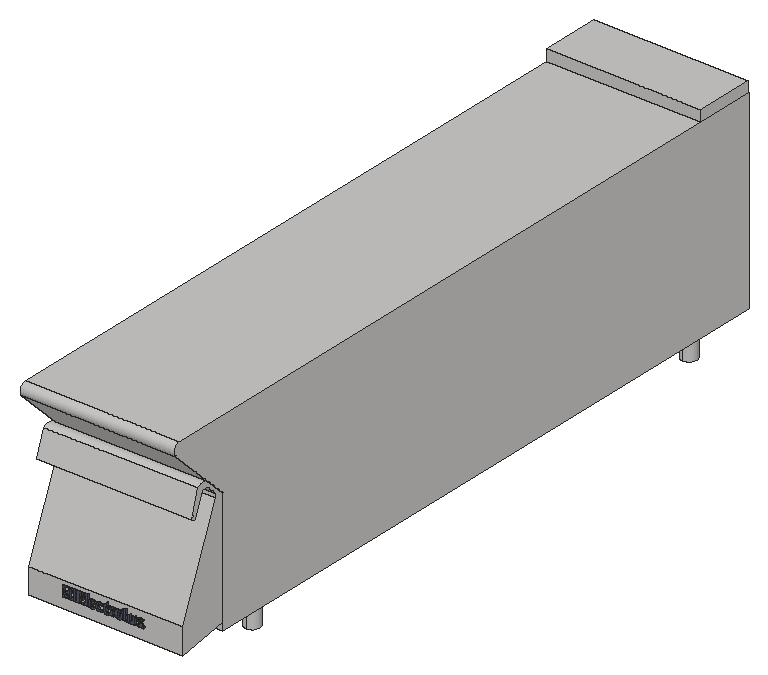
Revit family "QF_ELECTROLUXPROFESSIONAL_391157_E9WTNBN00E", category Specialty Equipment, Revit 2018
Family settings
  Round Connector Dimension = Use Diameter
  Part Type = Normal
  Work Plane-Based = No
  Always vertical = Yes
  Cut with Voids When Loaded = No
  Shared = No
  Room Calculation Point = No
Parameters
  Weight = 0.00 kg
  Watts = 0 W
  Volts = 0 V
  URL Manufacturer = "http://professional.electrolux.com/"
  URL = "http://professional.electrolux.com/"
  Steam Supply Size = 0"
  Steam Supply Minimum Pressure = 0.00 psi
  Steam Supply Maximum Pressure = 0.00 psi
  Steam Pounds per Hour = 0
  Show Logo [instance] = yes
  Show Clearance [instance] = yes
  Refrigeration Suction Line Size = 0"
  Refrigeration Liquid Line Size = 0"
  Refrigerant Compressor Remote = yes
  Phase = 0
  Model = "E9WTNBN00E"
  Manufacturer = "Electrolux"
  Length Actual = 200 mm  # constant formula
  Item Number = "391157"
  Hot Water Size = 0"
  Height Actual = 250 mm  # constant formula
  HP = "0 HP"
  Gas Size = 0"
  Gas KW = 0
  Gas Input Pressure = 0.0 Btu/h
  Direct Waste Size = 0"
  Description = "WORKTOP WITH 1 DRAWER 200 MM"
  Depth Actual = 930 mm  # constant formula
  Cycle = 0 Hz
  Condensate Return Size = 0"
  Compressed Air Volume = 0 GPM
  Compressed Air Size = 0"
  Compressed Air Pressure = 0.00 psi
  Cold Water Size = 0"
  Accessory = yes
Reference planes
  plane 1 "BACK": y = 0
  plane 2: z = 0
  plane 3 "LEFT": x = 0
  plane 4 "RIGHT": x = 200
  plane 5 "FRONT": y = -930
  plane 6 "TOP": z = 274.638
  plane 7 "Center Y": x = 100
  plane 8 "Center X": y = -465
  plane 9: z = 24
  plane 10: z = 289
  plane 11: y = -82
  plane 12: y = -790
Forms (mm)
  Extrusion 1, solid, material "QF_Finishes_Stainless Steel"
    sketch origin (0, 0, 0) x (0, 1, 0) y (0, 0, 1)
      loop
        line (0, 24) -> (0, 274.637) -> (-921.37, 274.638)
        arc (-921.37, 274.638) -> (-929.343, 269.31) -> (-927.472, 259.906) r 8.63
        line (-927.472, 259.906) -> (-852.093, 184.526) -> (-852.093, 24) -> (0, 24)
    from 0 to 200
  Extrusion 2, solid, material "QF_Finishes_Stainless Steel"
    sketch origin (0, -199.871, 0) x (1, 0, 0) y (0, 1, 0)
      loop
        circle (11.112, 117.871) r 9.525
      loop
        circle (188.888, 117.871) r 9.525
      loop
        circle (11.112, -590.129) r 9.525
      loop
        circle (188.888, -590.129) r 9.525
    from 0 to 23.812
  Extrusion 3, solid, material "QF_Finishes_Stainless Steel"
    sketch origin (0, -199.871, 0) x (0, 1, 0) y (0, 0, 1)
      loop
        line (199.871, 274.638) -> (199.871, 289) -> (123.671, 289) -> (123.671, 274.638) -> (199.871, 274.638)
    from 0 to 200
  Extrusion 4, solid, material "QF_Finishes_Navy Blue", visible <- "Show Logo"
    sketch origin (200, -916.569, 24) x (0, 0, 1) y (-1, 0, 0)
      loop
        line (27.764, 145.003) -> (15.398, 145.003)
        arc (15.398, 145.003) -> (21.581, 140.432) -> (27.764, 145.003) r 6.467
      loop
        arc (27.764, 145.632) -> (26.595, 150.775) -> (21.939, 153.253) r 6.338
        line (21.939, 153.253) -> (21.939, 151.207)
        arc (21.939, 151.207) -> (23.423, 147.552) -> (26.869, 145.632) r 5.941
        line (26.869, 145.632) -> (27.764, 145.632)
      loop
        arc (16.293, 145.632) -> (19.739, 147.552) -> (21.222, 151.207) r 5.941
        line (21.222, 151.207) -> (21.222, 153.253)
        arc (21.222, 153.253) -> (16.528, 150.779) -> (15.239, 145.632) r 6.504
        line (15.239, 145.632) -> (16.293, 145.632)
      loop
        line (28.439, 153.722) -> (14.695, 153.722) -> (14.695, 139.959) -> (28.439, 139.959) -> (28.439, 153.722)
      loop
        arc (28.523, 136.992) -> (28.175, 137.349) -> (27.808, 137.011) r 0.358
        arc (27.808, 137.011) -> (27.494, 136.261) -> (26.777, 135.876) r 1.216
        line (26.777, 135.876) -> (16.364, 135.876)
        arc (16.364, 135.876) -> (15.704, 136.154) -> (15.308, 136.75) r 1.238
        arc (15.308, 136.75) -> (14.914, 137.001) -> (14.608, 136.647) r 0.358
        line (14.608, 136.647) -> (14.608, 126.768) -> (17.359, 126.768) -> (17.359, 127.665)
        arc (17.359, 127.665) -> (16.45, 128.245) -> (15.995, 129.222) r 1.928
        line (15.995, 129.222) -> (15.995, 131.721)
        arc (15.995, 131.721) -> (16.27, 132.45) -> (16.959, 132.814) r 1.101
        line (16.959, 132.814) -> (21.045, 132.814) -> (21.045, 129.141)
        arc (21.045, 129.141) -> (20.692, 128.643) -> (20.127, 128.416) r 1.083
        arc (20.127, 128.416) -> (19.864, 128.11) -> (20.156, 127.832) r 0.292
        line (20.156, 127.832) -> (23.118, 127.832)
        arc (23.118, 127.832) -> (23.421, 128.105) -> (23.182, 128.435) r 0.305
        arc (23.182, 128.435) -> (22.692, 128.683) -> (22.387, 129.141) r 1.083
        line (22.387, 129.141) -> (22.387, 132.814) -> (27.064, 132.814) -> (27.064, 129.067)
        arc (27.064, 129.067) -> (26.85, 128.311) -> (26.243, 127.813) r 1.314
        arc (26.243, 127.813) -> (26.024, 127.409) -> (26.379, 127.117) r 0.361
        line (26.379, 127.117) -> (28.523, 127.117) -> (28.523, 136.992)
      loop
        arc (27.805, 126.336) -> (27.425, 125.417) -> (26.506, 125.037) r 1.299
        line (26.506, 125.037) -> (16.928, 125.037)
        arc (16.928, 125.037) -> (16.09, 125.415) -> (15.818, 126.293) r 1.118
        line (15.818, 126.293) -> (14.608, 126.293) -> (14.608, 120.943) -> (15.797, 120.943)
        arc (15.797, 120.943) -> (16.068, 121.86) -> (16.938, 122.256) r 1.153
        line (16.938, 122.256) -> (29.011, 122.256) -> (27.805, 126.336)
      loop
        line (19.573, 118.307) -> (19.573, 111.859) -> (20.372, 111.859)
        arc (20.372, 111.859) -> (22.953, 112.844) -> (24.221, 115.298) r 3.874
        line (24.221, 115.298) -> (24.221, 117.058)
        arc (24.221, 117.058) -> (23.035, 119.923) -> (20.17, 121.109) r 4.051
        line (20.17, 121.109) -> (18.162, 121.109)
        arc (18.162, 121.109) -> (15.344, 119.624) -> (14.292, 116.617) r 4.352
        arc (14.292, 116.617) -> (14.656, 114.154) -> (16.034, 112.08) r 5.713
        line (16.034, 112.08) -> (16.983, 112.08)
        arc (16.983, 112.08) -> (16.25, 113.649) -> (16.034, 115.367) r 5.579
        arc (16.034, 115.367) -> (16.828, 117.33) -> (18.707, 118.307) r 3.057
        line (18.707, 118.307) -> (19.573, 118.307)
      loop
        line (20.832, 118.307) -> (20.832, 114.725)
        arc (20.832, 114.725) -> (22.289, 114.678) -> (23.172, 115.837) r 1.59
        line (23.172, 115.837) -> (23.172, 116.667)
        arc (23.172, 116.667) -> (22.308, 117.922) -> (20.832, 118.307) r 2.184
      loop
        arc (23.623, 102.442) -> (24.112, 104.116) -> (24.27, 105.853) r 9.023
        line (24.27, 105.853) -> (24.27, 107.215)
        arc (24.27, 107.215) -> (23.11, 110.015) -> (20.311, 111.174) r 3.959
        line (20.311, 111.174) -> (17.71, 111.174)
        arc (17.71, 111.174) -> (15.429, 109.882) -> (14.311, 107.509) r 4.331
        line (14.311, 107.509) -> (14.311, 105.374)
        arc (14.311, 105.374) -> (14.819, 103.824) -> (15.741, 102.478) r 5.772
        arc (15.741, 102.478) -> (16.503, 102.427) -> (16.589, 103.186) r 0.553
        arc (16.589, 103.186) -> (16.201, 103.92) -> (16.068, 104.739) r 2.573
        line (16.068, 104.739) -> (16.068, 106.254)
        arc (16.068, 106.254) -> (17.073, 107.896) -> (18.888, 108.538) r 2.884
        line (18.888, 108.538) -> (20.167, 108.538)
        arc (20.167, 108.538) -> (21.988, 107.978) -> (22.915, 106.313) r 2.554
        line (22.915, 106.313) -> (22.915, 105.26)
        arc (22.915, 105.26) -> (22.583, 104.332) -> (21.926, 103.597) r 2.564
        arc (21.926, 103.597) -> (21.705, 102.88) -> (22.314, 102.442) r 0.643
        line (22.314, 102.442) -> (23.623, 102.442)
      loop
        line (22.605, 102.172) -> (22.605, 100.671) -> (16.557, 100.671)
        arc (16.557, 100.671) -> (14.969, 100.013) -> (14.311, 98.425) r 2.246
        line (14.311, 98.425) -> (14.311, 96.841)
        arc (14.311, 96.841) -> (14.625, 95.977) -> (15.126, 95.205) r 4.06
        arc (15.126, 95.205) -> (15.858, 95.072) -> (16.109, 95.773) r 0.576
        arc (16.109, 95.773) -> (16.003, 96.299) -> (16.068, 96.831) r 1.69
        arc (16.068, 96.831) -> (16.609, 97.619) -> (17.516, 97.922) r 1.506
        line (17.516, 97.922) -> (22.653, 97.922) -> (22.653, 95.525) -> (23.21, 94.969) -> (24.031, 94.969) -> (24.031, 97.828) -> (27.263, 97.828) -> (22.605, 102.172)
      loop
        line (14.529, 94.071) -> (14.529, 88.684) -> (15.639, 88.684)
        arc (15.639, 88.684) -> (16.033, 89.635) -> (16.984, 90.029) r 1.345
        line (16.984, 90.029) -> (20.6, 90.029)
        arc (20.6, 90.029) -> (21.364, 89.437) -> (21.654, 88.515) r 1.615
        line (21.654, 88.515) -> (21.654, 86.959) -> (24.21, 86.274) -> (24.21, 87.657) -> (22.267, 90.216) -> (24.147, 90.216) -> (23.863, 92.922)
        arc (23.863, 92.922) -> (23.423, 93.452) -> (22.765, 93.251) r 0.621
        arc (22.765, 93.251) -> (22.364, 92.909) -> (21.87, 92.726) r 1.501
        line (21.87, 92.726) -> (16.984, 92.726)
        arc (16.984, 92.726) -> (16.033, 93.12) -> (15.639, 94.071) r 1.345
        line (15.639, 94.071) -> (14.529, 94.071)
      loop
        line (20.631, 86.737) -> (17.938, 86.737)
        arc (17.938, 86.737) -> (15.493, 85.429) -> (14.359, 82.899) r 4.288
        arc (14.359, 82.899) -> (14.295, 81.518) -> (14.359, 80.138) r 15.022
        arc (14.359, 80.138) -> (15.493, 77.607) -> (17.938, 76.3) r 4.288
        line (17.938, 76.3) -> (20.631, 76.3)
        arc (20.631, 76.3) -> (23.076, 77.607) -> (24.21, 80.138) r 4.288
        arc (24.21, 80.138) -> (24.273, 81.518) -> (24.21, 82.899) r 15.022
        arc (24.21, 82.899) -> (23.076, 85.429) -> (20.631, 86.737) r 4.288
      loop
        line (20.835, 83.623) -> (17.734, 83.623)
        arc (17.734, 83.623) -> (15.577, 81.466) -> (17.734, 79.309) r 2.157
        line (17.734, 79.309) -> (20.835, 79.309)
        arc (20.835, 79.309) -> (22.992, 81.466) -> (20.835, 83.623) r 2.157
      loop
        arc (27.816, 76.442) -> (27.446, 75.548) -> (26.552, 75.177) r 1.264
        line (26.552, 75.177) -> (16.687, 75.177)
        arc (16.687, 75.177) -> (15.817, 75.574) -> (15.546, 76.49) r 1.153
        line (15.546, 76.49) -> (14.608, 76.49) -> (14.608, 71.382) -> (15.536, 71.382)
        arc (15.536, 71.382) -> (15.896, 72.154) -> (16.687, 72.469) r 1.153
        line (16.687, 72.469) -> (29.011, 72.469) -> (27.816, 76.442)
      loop
        arc (22.936, 71.844) -> (22.737, 70.78) -> (21.768, 70.298) r 1.215
        line (21.768, 70.298) -> (16.748, 70.298)
        arc (16.748, 70.298) -> (15.134, 69.651) -> (14.413, 68.068) r 2.338
        line (14.413, 68.068) -> (14.413, 66.553)
        arc (14.413, 66.553) -> (14.587, 65.549) -> (15.09, 64.663) r 2.979
        line (15.09, 64.663) -> (14.608, 62.866) -> (14.608, 61.178) -> (24.034, 61.178) -> (23.74, 65.381) -> (22.953, 65.381)
        arc (22.953, 65.381) -> (22.598, 64.545) -> (21.845, 64.036) r 1.605
        line (21.845, 64.036) -> (16.742, 64.036)
        arc (16.742, 64.036) -> (16.322, 64.973) -> (16.249, 65.997) r 2.94
        arc (16.249, 65.997) -> (16.81, 67.098) -> (17.964, 67.541) r 1.724
        line (17.964, 67.541) -> (24.16, 67.541) -> (22.936, 71.844)
      loop
        line (23.965, 60.324) -> (22.292, 58.278) -> (19.118, 55.972) -> (15.662, 59.084)
        arc (15.662, 59.084) -> (15.425, 59.478) -> (15.447, 59.937) r 0.789
        line (15.447, 59.937) -> (14.608, 59.937) -> (14.608, 56.392) -> (15.434, 56.392)
        arc (15.434, 56.392) -> (15.777, 56.754) -> (16.267, 56.662) r 0.52
        line (16.267, 56.662) -> (18.067, 55.191) -> (15.948, 53.815)
        arc (15.948, 53.815) -> (15.547, 54.125) -> (15.46, 54.625) r 0.7
        line (15.46, 54.625) -> (14.608, 54.625) -> (14.608, 48.698) -> (15.495, 48.698)
        arc (15.495, 48.698) -> (15.562, 49.357) -> (15.957, 49.888) r 1.247
        line (15.957, 49.888) -> (20.156, 53.169) -> (22.604, 51.116) -> (23.965, 49.374) -> (23.965, 53.098) -> (22.479, 52.675) -> (20.958, 53.952) -> (22.658, 55.142) -> (23.965, 54.366) -> (23.965, 60.324)
    from 0 to 1.644
  Extrusion 5, solid, material "QF_Finishes_Stainless Steel"
    sketch origin (200, 0, 0) x (0, 1, 0) y (0, 0, 1)
      loop
        line (-902.763, 175.638) -> (-896.709, 172.143) -> (-886.355, 202.214) -> (-876.51, 202.214) -> (-862.774, 188.478) -> (-862.774, 183.478) -> (-916.569, 56.932) -> (-916.569, 24) -> (-852.093, 34.212) -> (-852.093, 184.526) -> (-875.048, 207.481)
        arc (-875.048, 207.481) -> (-883.423, 210.488) -> (-891.798, 207.481) r 13.167
        line (-891.798, 207.481) -> (-902.763, 175.638)
    from 0 to -200
  Extrusion 6, solid, material "QF_Door-Drawer Clearances", detail levels coarse
    sketch origin (200, 0, 0) x (0, 1, 0) y (0, 0, 1)
      loop
        line (-1432.763, 175.638) -> (-1426.709, 172.143) -> (-1416.355, 202.214) -> (-1406.51, 202.214) -> (-1392.774, 188.478) -> (-1392.774, 183.478) -> (-1446.569, 56.932) -> (-1446.569, 24) -> (-916.569, 24) -> (-916.569, 56.932) -> (-862.774, 183.478) -> (-862.774, 188.478) -> (-876.51, 202.214) -> (-886.355, 202.214) -> (-896.709, 172.143) -> (-902.763, 175.638) -> (-891.798, 207.481)
        arc (-891.798, 207.481) -> (-887.872, 209.714) -> (-883.423, 210.488) r 13.167
        line (-883.423, 210.488) -> (-1413.423, 210.488)
        arc (-1413.423, 210.488) -> (-1417.872, 209.714) -> (-1421.798, 207.481) r 13.167
        line (-1421.798, 207.481) -> (-1432.763, 175.638)
    from 0 to -200
Lines and regions (mm)
  symbolic lines
    curve 1: line (0, -930, 0) -> (200, -930, 0)
    curve 2: line (0, 0, 0) -> (0, -930, 0)
    curve 3: line (200, 0, 0) -> (0, 0, 0)
    curve 4: line (200, -930, 0) -> (200, 0, 0)
    curve 5: line (0, -76.2, 0) -> (200, -76.2, 0)
  symbolic lines, style "QF_Door-Drawer Clearances"
    curve 6: line (0, -930, 0) -> (0, -1446.569, 0)
    curve 7: line (0, -1446.569, 0) -> (200, -1446.569, 0)
    curve 8: line (200, -1446.569, 0) -> (200, -930, 0)
    curve 9: line (200, -1432.763, 0) -> (0, -1432.763, 0)
    curve 10: line (0, -1421.798, 0) -> (200, -1421.798, 0)
Dimensions and locks
  equal spacing: plane 3 "LEFT", plane 7 "Center Y", plane 4 "RIGHT"
  plane 3 "LEFT" to plane 4 "RIGHT" = 200 mm
  equal spacing: plane 5 "FRONT", plane 8 "Center X", plane 1 "BACK"
  plane 5 "FRONT" to plane 1 "BACK" = 930 mm
  plane 10 to level = 289 mm
  plane 9 to level = 24 mm
  Extrusion 1 to plane 9 = 250.637 mm
  plane 9 to plane 2 = 24 mm
  plane 11 to plane 1 "BACK" = 82 mm
  plane 12 to plane 11 = 708 mm
  aligned and locked: level to plane 2
  aligned and locked: Extrusion 5 to Extrusion 1
Automatic sketch dimensions
  Extrusion 1 sketch curve to plane 6 "TOP" = 0 mm
  Extrusion 1 sketch curve to plane 9 = 0 mm
  Extrusion 1 sketch curve to plane 1 "BACK" = 0 mm
  Extrusion 1 sketch curve to plane 12 = 62.093 mm
  Extrusion 1 sketch curve to plane 5 "FRONT" = 8.63 mm
  Extrusion 1 sketch curve to plane 5 "FRONT" = 2.528 mm
  Extrusion 1 sketch curve to plane 6 "TOP" = 90.111 mm
  Extrusion 1 sketch curve to plane 6 "TOP" = 14.732 mm
  Extrusion 2 sketch curve to Extrusion 2 sketch curve = 0 mm  (x8)
  plane 11 to Extrusion 2 sketch curve = 0 mm  (x2)
  Extrusion 2 sketch curve to plane 12 = 0 mm  (x2)
  plane 3 "LEFT" to Extrusion 2 sketch curve = 11.112 mm  (x2)
  Extrusion 2 sketch curve to plane 4 "RIGHT" = 11.112 mm  (x2)
  Extrusion 2 sketch curve to Extrusion 2 sketch curve = 9.525 mm  (x2)
  plane 11 to Extrusion 2 sketch curve = 9.525 mm  (x2)
  Extrusion 3 sketch curve to plane 6 "TOP" = 0 mm
  Extrusion 3 sketch curve to plane 10 = 0 mm
  Extrusion 3 sketch curve to plane 1 "BACK" = 0 mm
  Extrusion 3 sketch curve to plane 11 = 5.8 mm
  Extrusion 4 sketch curve to Extrusion 5 = 9.251 mm
  Extrusion 4 sketch curve to Extrusion 5 = 14.292 mm
  Extrusion 4 sketch curve to Extrusion 5 = 14.311 mm
  Extrusion 4 sketch curve to Extrusion 4 sketch curve = 0 mm  (x28)
  Extrusion 4 sketch curve to Extrusion 4 sketch curve = 5.108 mm
  Extrusion 4 sketch curve to Extrusion 4 sketch curve = 0.054 mm
  Extrusion 4 sketch curve to Extrusion 4 sketch curve = 0.218 mm
  Extrusion 4 sketch curve to Extrusion 4 sketch curve = 0.195 mm
  Extrusion 4 sketch curve to Extrusion 4 sketch curve = 0.249 mm
  Extrusion 4 sketch curve to Extrusion 5 = 14.608 mm
  Extrusion 4 sketch curve to Extrusion 4 sketch curve = 0.087 mm
  Extrusion 4 sketch curve to Extrusion 4 sketch curve = 0.358 mm
  Extrusion 4 sketch curve to Extrusion 4 sketch curve = 0.481 mm
  Extrusion 4 sketch curve to Extrusion 4 sketch curve = 0.597 mm
  Extrusion 4 sketch curve to Extrusion 4 sketch curve = 0.544 mm
  Extrusion 4 sketch curve to Extrusion 4 sketch curve = 0.936 mm
  Extrusion 4 sketch curve to Extrusion 4 sketch curve = 0.594 mm
  Extrusion 4 sketch curve to Extrusion 4 sketch curve = 0.343 mm
  Extrusion 4 sketch curve to Extrusion 4 sketch curve = 0.159 mm
  Extrusion 4 sketch curve to Extrusion 4 sketch curve = 0.826 mm
  Extrusion 4 sketch curve to Extrusion 4 sketch curve = 0.839 mm
  Extrusion 4 sketch curve to Extrusion 4 sketch curve = 0.852 mm
  Extrusion 4 sketch curve to Extrusion 4 sketch curve = 0.887 mm
  Extrusion 4 sketch curve to Extrusion 4 sketch curve = 0.928 mm
  Extrusion 4 sketch curve to Extrusion 4 sketch curve = 0.938 mm
  Extrusion 4 sketch curve to Extrusion 4 sketch curve = 0.444 mm
  Extrusion 4 sketch curve to Extrusion 4 sketch curve = 1.11 mm  (x3)
  Extrusion 4 sketch curve to Extrusion 4 sketch curve = 0.215 mm
  Extrusion 4 sketch curve to Extrusion 4 sketch curve = 1.43 mm
  Extrusion 4 sketch curve to Extrusion 4 sketch curve = 1.188 mm
  Extrusion 4 sketch curve to Extrusion 4 sketch curve = 1.21 mm  (x2)
  Extrusion 4 sketch curve to Extrusion 4 sketch curve = 0.503 mm
  Extrusion 4 sketch curve to Extrusion 4 sketch curve = 0.488 mm
  Extrusion 4 sketch curve to Extrusion 4 sketch curve = 0.462 mm
  Extrusion 4 sketch curve to Extrusion 4 sketch curve = 1.386 mm
  Extrusion 4 sketch curve to Extrusion 4 sketch curve = 1.742 mm  (x2)
  Extrusion 4 sketch curve to Extrusion 4 sketch curve = 0.821 mm
  Extrusion 4 sketch curve to Extrusion 4 sketch curve = 0.497 mm
  Extrusion 4 sketch curve to Extrusion 4 sketch curve = 0.539 mm
  Extrusion 4 sketch curve to Extrusion 4 sketch curve = 0.686 mm
  Extrusion 4 sketch curve to Extrusion 4 sketch curve = 0.408 mm
  Extrusion 4 sketch curve to Extrusion 4 sketch curve = 0.743 mm
  Extrusion 4 sketch curve to Extrusion 4 sketch curve = 1.16 mm
  Extrusion 4 sketch curve to Extrusion 4 sketch curve = 0.329 mm
  Extrusion 4 sketch curve to Extrusion 4 sketch curve = 1.054 mm
  Extrusion 4 sketch curve to Extrusion 4 sketch curve = 1.056 mm
  Extrusion 4 sketch curve to Extrusion 4 sketch curve = 0.129 mm
  Extrusion 4 sketch curve to Extrusion 4 sketch curve = 0.489 mm
  Extrusion 4 sketch curve to Extrusion 4 sketch curve = 0.441 mm
  Extrusion 4 sketch curve to Extrusion 4 sketch curve = 1.151 mm
  Extrusion 4 sketch curve to Extrusion 4 sketch curve = 1.141 mm  (x2)
  Extrusion 4 sketch curve to Extrusion 4 sketch curve = 0.768 mm
  Extrusion 4 sketch curve to Extrusion 4 sketch curve = 1.653 mm
  Extrusion 4 sketch curve to Extrusion 4 sketch curve = 0.499 mm
  Extrusion 4 sketch curve to Extrusion 4 sketch curve = 0.964 mm
  Extrusion 4 sketch curve to Extrusion 4 sketch curve = 0.949 mm
  Extrusion 4 sketch curve to Extrusion 4 sketch curve = 1.345 mm  (x3)
  Extrusion 4 sketch curve to Extrusion 4 sketch curve = 1.101 mm
  Extrusion 4 sketch curve to Extrusion 4 sketch curve = 0.432 mm
  Extrusion 4 sketch curve to Extrusion 4 sketch curve = 1.142 mm
  Extrusion 4 sketch curve to Extrusion 4 sketch curve = 0.959 mm
  Extrusion 4 sketch curve to Extrusion 4 sketch curve = 0.176 mm
  Extrusion 4 sketch curve to Extrusion 4 sketch curve = 0.728 mm
  Extrusion 4 sketch curve to Extrusion 4 sketch curve = 3.375 mm  (x2)
  Extrusion 4 sketch curve to Extrusion 4 sketch curve = 0.541 mm
  Extrusion 4 sketch curve to Extrusion 4 sketch curve = 0.955 mm
  Extrusion 4 sketch curve to Extrusion 4 sketch curve = 1.251 mm
  Extrusion 4 sketch curve to Extrusion 4 sketch curve = 0.572 mm
  Extrusion 4 sketch curve to Extrusion 4 sketch curve = 1.92 mm
  Extrusion 4 sketch curve to Extrusion 4 sketch curve = 1.224 mm
  Extrusion 4 sketch curve to Extrusion 4 sketch curve = 0.745 mm
  Extrusion 4 sketch curve to Extrusion 4 sketch curve = 2.537 mm
  Extrusion 4 sketch curve to Extrusion 4 sketch curve = 0.896 mm  (x3)
  Extrusion 4 sketch curve to Extrusion 4 sketch curve = 0.036 mm
  Extrusion 4 sketch curve to Extrusion 4 sketch curve = 2.607 mm
  Extrusion 4 sketch curve to Extrusion 4 sketch curve = 0.066 mm
  Extrusion 4 sketch curve to Extrusion 4 sketch curve = 0.248 mm
  Extrusion 4 sketch curve to Extrusion 4 sketch curve = 0.449 mm
  Extrusion 4 sketch curve to Extrusion 4 sketch curve = 1.052 mm
  Extrusion 4 sketch curve to Extrusion 4 sketch curve = 1.863 mm
  Extrusion 4 sketch curve to Extrusion 4 sketch curve = 1.31 mm  (x2)
  Extrusion 4 sketch curve to Extrusion 4 sketch curve = 0.901 mm
  Extrusion 4 sketch curve to Extrusion 4 sketch curve = 1.107 mm
  Extrusion 4 sketch curve to Extrusion 4 sketch curve = 2.122 mm
  Extrusion 4 sketch curve to Extrusion 4 sketch curve = 2.101 mm
  Extrusion 4 sketch curve to Extrusion 4 sketch curve = 0.106 mm
  Extrusion 4 sketch curve to Extrusion 4 sketch curve = 0.029 mm
  Extrusion 4 sketch curve to Extrusion 4 sketch curve = 2.09 mm
  Extrusion 4 sketch curve to Extrusion 4 sketch curve = 1.279 mm
  Extrusion 4 sketch curve to Extrusion 4 sketch curve = 2.008 mm
  Extrusion 4 sketch curve to Extrusion 4 sketch curve = 0.738 mm
  Extrusion 4 sketch curve to Extrusion 4 sketch curve = 0.382 mm
  Extrusion 4 sketch curve to Extrusion 4 sketch curve = 0.384 mm
  Extrusion 4 sketch curve to Extrusion 4 sketch curve = 0.002 mm
  Extrusion 4 sketch curve to Extrusion 4 sketch curve = 0.561 mm
  Extrusion 4 sketch curve to Extrusion 4 sketch curve = 0.592 mm
  Extrusion 4 sketch curve to Extrusion 4 sketch curve = 2.692 mm
  Extrusion 4 sketch curve to Extrusion 4 sketch curve = 1.259 mm
  Extrusion 4 sketch curve to Extrusion 4 sketch curve = 0.802 mm
  Extrusion 4 sketch curve to Extrusion 4 sketch curve = 1.024 mm  (x2)
  Extrusion 4 sketch curve to Extrusion 4 sketch curve = 0.682 mm
  Extrusion 4 sketch curve to Extrusion 4 sketch curve = 5.934 mm
  Extrusion 4 sketch curve to Extrusion 4 sketch curve = 2.186 mm
  Extrusion 4 sketch curve to Extrusion 4 sketch curve = 0.337 mm
  Extrusion 4 sketch curve to Extrusion 4 sketch curve = 0.021 mm
  Extrusion 4 sketch curve to Extrusion 4 sketch curve = 1.005 mm
  Extrusion 4 sketch curve to Extrusion 4 sketch curve = 0.552 mm
  Extrusion 4 sketch curve to Extrusion 4 sketch curve = 0.778 mm
  Extrusion 4 sketch curve to Extrusion 4 sketch curve = 0.063 mm
  Extrusion 4 sketch curve to Extrusion 4 sketch curve = 1.023 mm
  Extrusion 4 sketch curve to Extrusion 4 sketch curve = 3.804 mm
  Extrusion 4 sketch curve to Extrusion 4 sketch curve = 0.486 mm
  Extrusion 4 sketch curve to Extrusion 4 sketch curve = 0.266 mm
  Extrusion 4 sketch curve to Extrusion 4 sketch curve = 1.547 mm
  Extrusion 4 sketch curve to Extrusion 4 sketch curve = 0.717 mm  (x2)
  Extrusion 4 sketch curve to Extrusion 4 sketch curve = 1.667 mm
  Extrusion 4 sketch curve to Extrusion 4 sketch curve = 3.174 mm
  Extrusion 4 sketch curve to Extrusion 4 sketch curve = 0.388 mm
  Extrusion 4 sketch curve to Extrusion 4 sketch curve = 1.342 mm
  Extrusion 4 sketch curve to Extrusion 4 sketch curve = 1.521 mm
  Extrusion 4 sketch curve to Extrusion 4 sketch curve = 0.124 mm
  Extrusion 4 sketch curve to Extrusion 4 sketch curve = 0.291 mm
  Extrusion 4 sketch curve to Extrusion 4 sketch curve = 1.049 mm  (x2)
  Extrusion 4 sketch curve to Extrusion 4 sketch curve = 1.7 mm
  Extrusion 4 sketch curve to Extrusion 4 sketch curve = 0.894 mm
  Extrusion 4 sketch curve to Extrusion 4 sketch curve = 0.989 mm
  Extrusion 4 sketch curve to Extrusion 4 sketch curve = 1.168 mm
  Extrusion 4 sketch curve to Extrusion 4 sketch curve = 1.594 mm
  Extrusion 4 sketch curve to Extrusion 4 sketch curve = 0.731 mm
  Extrusion 4 sketch curve to Extrusion 4 sketch curve = 1.566 mm
  Extrusion 4 sketch curve to Extrusion 4 sketch curve = 0.064 mm
  Extrusion 4 sketch curve to Extrusion 4 sketch curve = 0.556 mm  (x2)
  Extrusion 4 sketch curve to Extrusion 4 sketch curve = 0.48 mm
  Extrusion 4 sketch curve to Extrusion 4 sketch curve = 1.018 mm
  Extrusion 4 sketch curve to Extrusion 4 sketch curve = 0.787 mm
  Extrusion 4 sketch curve to Extrusion 4 sketch curve = 0.618 mm
  Extrusion 4 sketch curve to Extrusion 4 sketch curve = 1.672 mm
  Extrusion 4 sketch curve to Extrusion 4 sketch curve = 1.361 mm
  Extrusion 4 sketch curve to Extrusion 4 sketch curve = 0.822 mm
  Extrusion 4 sketch curve to Extrusion 4 sketch curve = 0.069 mm
  Extrusion 4 sketch curve to Extrusion 4 sketch curve = 1.88 mm
  Extrusion 4 sketch curve to Extrusion 4 sketch curve = 0.42 mm
  Extrusion 4 sketch curve to Extrusion 4 sketch curve = 0.062 mm
  Extrusion 4 sketch curve to Extrusion 4 sketch curve = 1.355 mm
  Extrusion 4 sketch curve to Extrusion 4 sketch curve = 2.34 mm
  Extrusion 4 sketch curve to Extrusion 4 sketch curve = 0.493 mm
  Extrusion 4 sketch curve to Extrusion 4 sketch curve = 0.136 mm
  Extrusion 4 sketch curve to Extrusion 4 sketch curve = 0.128 mm
  Extrusion 4 sketch curve to Extrusion 4 sketch curve = 3.616 mm
  Extrusion 4 sketch curve to Extrusion 4 sketch curve = 4.207 mm
  Extrusion 4 sketch curve to Extrusion 4 sketch curve = 0.183 mm
  Extrusion 4 sketch curve to Extrusion 4 sketch curve = 0.895 mm
  Extrusion 4 sketch curve to Extrusion 4 sketch curve = 1.314 mm
  Extrusion 4 sketch curve to Extrusion 4 sketch curve = 3.231 mm
  Extrusion 4 sketch curve to Extrusion 4 sketch curve = 1.299 mm
  Extrusion 4 sketch curve to Extrusion 4 sketch curve = 1.214 mm
  Extrusion 4 sketch curve to Extrusion 4 sketch curve = 1.264 mm
  Extrusion 5 to Extrusion 4 sketch curve = 5.059 mm
  Extrusion 4 sketch curve to Extrusion 4 sketch curve = 0.357 mm
  Extrusion 4 sketch curve to Extrusion 4 sketch curve = 0.565 mm
  Extrusion 4 sketch curve to Extrusion 4 sketch curve = 2.504 mm
  Extrusion 4 sketch curve to Extrusion 4 sketch curve = 2.459 mm
  Extrusion 5 to Extrusion 4 sketch curve = 3.615 mm
  Extrusion 5 to Extrusion 4 sketch curve = 48.698 mm
  Extrusion 4 sketch curve to Extrusion 4 sketch curve = 0.208 mm
  Extrusion 4 sketch curve to Extrusion 4 sketch curve = 0.468 mm  (x2)
  Extrusion 4 sketch curve to Extrusion 4 sketch curve = 1.559 mm
  Extrusion 4 sketch curve to Extrusion 4 sketch curve = 0.422 mm  (x2)
  Extrusion 4 sketch curve to Extrusion 4 sketch curve = 0.494 mm
  Extrusion 4 sketch curve to Extrusion 4 sketch curve = 3.927 mm
  Extrusion 4 sketch curve to Extrusion 4 sketch curve = 0.782 mm
  Extrusion 4 sketch curve to Extrusion 4 sketch curve = 1.268 mm
  Extrusion 4 sketch curve to Extrusion 4 sketch curve = 0.671 mm
  Extrusion 4 sketch curve to Extrusion 4 sketch curve = 0.777 mm
  Extrusion 4 sketch curve to Extrusion 4 sketch curve = 0.704 mm
  Extrusion 4 sketch curve to Extrusion 4 sketch curve = 0.781 mm  (x2)
  Extrusion 4 sketch curve to Extrusion 4 sketch curve = 1.634 mm
  Extrusion 4 sketch curve to Extrusion 4 sketch curve = 0.132 mm
  Extrusion 4 sketch curve to Extrusion 4 sketch curve = 3.136 mm
  Extrusion 4 sketch curve to Extrusion 4 sketch curve = 2.422 mm
  Extrusion 4 sketch curve to Extrusion 4 sketch curve = 0.586 mm
  Extrusion 4 sketch curve to Extrusion 4 sketch curve = 2.046 mm  (x2)
  Extrusion 4 sketch curve to Extrusion 4 sketch curve = 1.241 mm
  Extrusion 4 sketch curve to Extrusion 4 sketch curve = 1.689 mm
  Extrusion 4 sketch curve to Extrusion 4 sketch curve = 2.859 mm
  Extrusion 4 sketch curve to Extrusion 4 sketch curve = 0.627 mm
  Extrusion 4 sketch curve to Extrusion 4 sketch curve = 0.863 mm
  Extrusion 4 sketch curve to Extrusion 4 sketch curve = 0.419 mm
  Extrusion 4 sketch curve to Extrusion 4 sketch curve = 1.514 mm
  Extrusion 4 sketch curve to Extrusion 4 sketch curve = 1.019 mm
  Extrusion 4 sketch curve to Extrusion 4 sketch curve = 0.065 mm
  Extrusion 4 sketch curve to Extrusion 4 sketch curve = 1.215 mm
  Extrusion 4 sketch curve to Extrusion 4 sketch curve = 2.708 mm
  Extrusion 4 sketch curve to Extrusion 4 sketch curve = 1.122 mm
  Extrusion 4 sketch curve to Extrusion 4 sketch curve = 1.153 mm
  Extrusion 4 sketch curve to Extrusion 4 sketch curve = 3.009 mm
  Extrusion 4 sketch curve to Extrusion 4 sketch curve = 0.829 mm  (x2)
  Extrusion 4 sketch curve to Extrusion 4 sketch curve = 0.934 mm
  Extrusion 4 sketch curve to Extrusion 4 sketch curve = 3.376 mm
  Extrusion 4 sketch curve to Extrusion 4 sketch curve = 0.222 mm
  Extrusion 4 sketch curve to Extrusion 4 sketch curve = 1.383 mm
  Extrusion 4 sketch curve to Extrusion 4 sketch curve = 1.556 mm
  Extrusion 4 sketch curve to Extrusion 4 sketch curve = 2.559 mm
  Extrusion 4 sketch curve to Extrusion 4 sketch curve = 2.51 mm
  Extrusion 4 sketch curve to Extrusion 4 sketch curve = 0.131 mm
  Extrusion 4 sketch curve to Extrusion 4 sketch curve = 1.717 mm
  Extrusion 4 sketch curve to Extrusion 4 sketch curve = 1.134 mm
  Extrusion 4 sketch curve to Extrusion 4 sketch curve = 0.366 mm
  Extrusion 4 sketch curve to Extrusion 4 sketch curve = 0.094 mm
  Extrusion 4 sketch curve to Extrusion 4 sketch curve = 1.584 mm
  Extrusion 4 sketch curve to Extrusion 4 sketch curve = 1.501 mm
  Extrusion 4 sketch curve to Extrusion 4 sketch curve = 0.27 mm
  Extrusion 4 sketch curve to Extrusion 4 sketch curve = 1.808 mm
  Extrusion 4 sketch curve to Extrusion 4 sketch curve = 0.643 mm
  Extrusion 4 sketch curve to Extrusion 4 sketch curve = 0.916 mm
  Extrusion 4 sketch curve to Extrusion 4 sketch curve = 0.352 mm
  Extrusion 4 sketch curve to Extrusion 4 sketch curve = 0.458 mm
  Extrusion 4 sketch curve to Extrusion 4 sketch curve = 1.282 mm
  Extrusion 4 sketch curve to Extrusion 4 sketch curve = 1.363 mm
  Extrusion 4 sketch curve to Extrusion 4 sketch curve = 0.685 mm
  Extrusion 4 sketch curve to Extrusion 4 sketch curve = 0.905 mm
  Extrusion 4 sketch curve to Extrusion 4 sketch curve = 2.865 mm
  Extrusion 4 sketch curve to Extrusion 4 sketch curve = 0.472 mm
  Extrusion 4 sketch curve to Extrusion 4 sketch curve = 0.101 mm
  Extrusion 4 sketch curve to Extrusion 4 sketch curve = 0.54 mm
  Extrusion 4 sketch curve to Extrusion 4 sketch curve = 0.02 mm
  Extrusion 4 sketch curve to Extrusion 4 sketch curve = 0.582 mm
  Extrusion 4 sketch curve to Extrusion 4 sketch curve = 0.166 mm
  Extrusion 4 sketch curve to Extrusion 4 sketch curve = 0.16 mm
  Extrusion 4 sketch curve to Extrusion 4 sketch curve = 2.781 mm
  Extrusion 4 sketch curve to Extrusion 4 sketch curve = 1.118 mm
  Extrusion 4 sketch curve to Extrusion 4 sketch curve = 0.613 mm
  Extrusion 4 sketch curve to Extrusion 4 sketch curve = 0.361 mm
  Extrusion 4 sketch curve to Extrusion 4 sketch curve = 0.897 mm
  Extrusion 4 sketch curve to Extrusion 4 sketch curve = 0.167 mm
  Extrusion 4 sketch curve to Extrusion 4 sketch curve = 0.292 mm
  Extrusion 4 sketch curve to Extrusion 4 sketch curve = 0.305 mm
  Extrusion 4 sketch curve to Extrusion 4 sketch curve = 1.557 mm
  Extrusion 4 sketch curve to Extrusion 4 sketch curve = 2.499 mm
  Extrusion 4 sketch curve to Extrusion 4 sketch curve = 3.062 mm
  Extrusion 4 sketch curve to Extrusion 4 sketch curve = 2.968 mm
  Extrusion 4 sketch curve to Extrusion 4 sketch curve = 5.044 mm
  Extrusion 4 sketch curve to Extrusion 4 sketch curve = 0.629 mm  (x2)
  Extrusion 4 sketch curve to Extrusion 4 sketch curve = 1.131 mm
  Extrusion 4 sketch curve to Extrusion 4 sketch curve = 0.137 mm
  Extrusion 4 sketch curve to Extrusion 4 sketch curve = 0.027 mm
  Extrusion 4 sketch curve to Extrusion 4 sketch curve = 2.235 mm
  Extrusion 5 sketch curve to Extrusion 1 = 0 mm  (x2)
  Extrusion 1 to Extrusion 5 sketch curve = 0 mm  (x2)
  Extrusion 1 to Extrusion 5 sketch curve = 10.681 mm
  Extrusion 5 sketch curve to Extrusion 5 sketch curve = 12.274 mm
  Extrusion 5 sketch curve to Extrusion 5 sketch curve = 1.462 mm
  Extrusion 5 sketch curve to Extrusion 5 sketch curve = 6.913 mm
  Extrusion 5 sketch curve to Extrusion 5 sketch curve = 2.932 mm
  Extrusion 5 sketch curve to Extrusion 5 sketch curve = 5.443 mm
  Extrusion 5 sketch curve to Extrusion 5 sketch curve = 13.286 mm
  Extrusion 5 sketch curve to Extrusion 5 sketch curve = 6.053 mm
  Extrusion 1 to Extrusion 5 sketch curve = 64.477 mm
  Extrusion 5 sketch curve to Extrusion 1 = 10.212 mm
  Extrusion 5 sketch curve to Extrusion 1 = 32.932 mm
  Extrusion 5 sketch curve to Extrusion 5 sketch curve = 35.338 mm
  Extrusion 5 sketch curve to Extrusion 5 sketch curve = 3.495 mm
  Extrusion 5 sketch curve to Extrusion 5 sketch curve = 1.048 mm
  Extrusion 5 sketch curve to Extrusion 5 sketch curve = 5 mm
  Extrusion 5 sketch curve to Extrusion 5 sketch curve = 10.161 mm
  Extrusion 5 sketch curve to Extrusion 5 sketch curve = 4.893 mm
  Extrusion 1 to Extrusion 6 sketch curve = 3.796 mm
  Extrusion 1 to Extrusion 6 sketch curve = 31.33 mm
  Extrusion 6 sketch curve to Extrusion 1 = 0 mm
  Extrusion 6 sketch curve to Extrusion 6 sketch curve = 6.913 mm  (x2)
  Extrusion 6 sketch curve to Extrusion 6 sketch curve = 2.932 mm  (x3)
  Extrusion 6 sketch curve to Extrusion 6 sketch curve = 5.443 mm  (x2)
  Extrusion 6 sketch curve to Extrusion 1 = 102.494 mm
  Extrusion 6 sketch curve to Extrusion 6 sketch curve = 13.286 mm
  Extrusion 6 sketch curve to Extrusion 1 = 98.999 mm
  Extrusion 6 sketch curve to Extrusion 6 sketch curve = 6.053 mm  (x2)
  Extrusion 6 sketch curve to Extrusion 1 = 32.932 mm  (x2)
  Extrusion 6 sketch curve to Extrusion 6 sketch curve = 5 mm  (x2)
  Extrusion 6 sketch curve to Extrusion 6 sketch curve = 4.893 mm  (x2)
  Extrusion 6 sketch curve to Extrusion 6 sketch curve = 5.267 mm  (x2)
  Extrusion 6 sketch curve to Extrusion 1 = 86.159 mm
  Extrusion 6 sketch curve to Extrusion 6 sketch curve = 509.351 mm
  Extrusion 6 sketch curve to Extrusion 6 sketch curve = 13.736 mm
  Extrusion 6 sketch curve to Extrusion 6 sketch curve = 19.86 mm
  Extrusion 1 to Extrusion 6 sketch curve = 64.477 mm
  Extrusion 1 to Extrusion 6 sketch curve = 10.681 mm
  Extrusion 6 sketch curve to Extrusion 6 sketch curve = 39.988 mm
  Extrusion 6 sketch curve to Extrusion 6 sketch curve = 11.335 mm
  Extrusion 6 sketch curve to Extrusion 6 sketch curve = 3.495 mm
  Extrusion 6 sketch curve to Extrusion 6 sketch curve = 8.274 mm
  Extrusion 6 sketch curve to Extrusion 6 sketch curve = 25.177 mm
  curve 10 to plane 3 "LEFT" = 0 mm
  curve 10 to plane 4 "RIGHT" = 0 mm
  plane 5 "FRONT" to curve 2 = 0 mm
  curve 10 to curve 1 = 491.798 mm
  curve 9 to curve 10 = 10.964 mm
  curve 6 to curve 9 = 13.807 mm
  plane 8 "Center X" to curve 5 = 388.8 mm
  curve 5 to curve 3 = 76.2 mm
